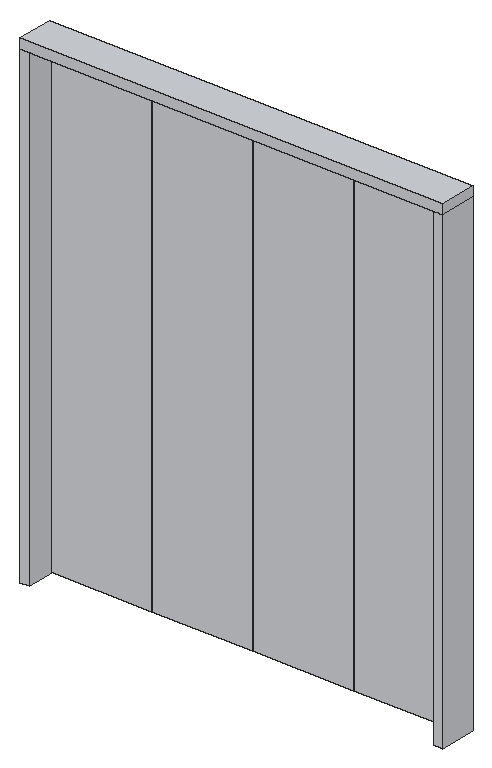
Revit family "Door_Bifold System_4Panel_Solid", category Doors, host Wall, Revit 2019
Family settings
  Host = Wall
  Always vertical = Yes
  Cut with Voids When Loaded = No
  Shared = Yes
  Room Calculation Point = No
Parameters (values of type "1980h x 1668w")
  Website = "www.bifoldsystems.co.nz"
  Visual Light Transmittance = 0
  Undercut = 25 mm
  Type Comments = "1980h x 1668w"
  TrimWidth = 40 mm
  TrimWidthControl = if(TrimWidth < JambWidth, JambWidth, TrimWidth)  # 40 mm
  TrimThickness = 20 mm
  Trim [instance] = none
  TrimFinish [instance] = ""
  StopWidth = 10 mm
  StopDepth = 40 mm
  ShowHandleInt [instance] = yes
  ShowHandleExt [instance] = yes
  Lock [instance] = ""
  LiningThickness [instance] = 10 mm
  LeafWidth1 = Width / 4  # 417 mm
  LeafType [instance] = ""
  LeafHeight = 2040 mm
  LeafFinish [instance] = ""
  LeafControl [instance] = 75 mm
  Kickplates [instance] = ""
  JambWidth = 40 mm
  JambTolerance = 0 mm
  Hinge = ""
  HeadHeight = 0 mm
  HandlesInt [instance] = none
  HandlesExt [instance] = none
  HandleTypeExt [instance] = Handle_Door_Lever : Type 1
  HandleTypeInt [instance] = Handle_Door_Lever : Type 1
  FrameVisibility [instance] = not(HostReport < 60 mm)  # yes
  FrameType [instance] = ""
  FrameOffsetExt = 0 mm
  FrameFinish [instance] = ""
  FrameDepth = 150 mm
  FrameByThroatControl [instance] = if(FrameByThroat, HostReport, FrameDepth)  # 150 mm
  Thickness = 40 mm
  Thermal Resistance (R) = 0.3829 (m²·K)/W
  Solar Heat Gain Coefficient = 0
  ShowTrims [instance] = no
  Rough Width [instance] = Width + (JambWidth * 2) + (JambTolerance * 2)  # 1748 mm
  Rough Height [instance] = 2040 mm
  Manufacturer = ""
  Leaf [instance] = none
  HostReport [instance] = 150 mm
  Heat Transfer Coefficient (U) = 2.6119 W/(m²·K)
  HeadHeightControl [instance] = if(HeadHeight < JambWidth, JambWidth, HeadHeight)  # 40 mm
  HandleInset = 50 mm
  HandleHeight = 1000 mm
  Function = Exterior
  Height = LeafHeight  # 2040 mm
  Wall Closure = By host
  Width = 1668 mm
  FrameOffsetExtControl = if(FrameByThroat, FrameOffsetExt, 0 mm)  # 0 mm
  Frame [instance] = none
  FrameByThroat = yes
  Fire Rating = "30/30/30"
  EgressDoor [instance] = no
  Description = "Nz - Bifold Solid"
  ClearanceRight = 100 mm  # constant formula
  ClearanceLeft = 100 mm  # constant formula
  ClearThickness = Thickness * 2  # 80 mm
  ClearOpening [instance] = 1508 mm
  BifoldSwing = Width / 2  # 834 mm
  Analytic Construction = "Solid core wood"
  AccessOutwardOpenB [instance] = no
  AccessOutwardOpenA [instance] = no
  AccessInwardOpenB [instance] = no
  AccessInwardOpenA [instance] = no
Reference planes
  plane 1 "Center)Front/Back)": y = 0
  plane 2 "Center (Left/Right)": x = -14.219
  plane 3 "Left": x = -888.219
  plane 4 "Right": x = 859.781
  plane 5: z = 2040
  plane 6 "Exterior": y = 75
  plane 7 "Interior": y = -75
  plane 8: x = -848.219
  plane 9: x = 819.781
  plane 10: y = 25
  plane 11 "Leaf/Swing (Host)": y = 75
  plane 12: x = 859.781
  plane 13: x = -888.219
  plane 14: z = 2040
  plane 15: z = 2000
  plane 16 "stop Width Right": x = 739.781
  plane 17: x = -768.219
  plane 18: z = 25
  plane 19: x = -431.219
  plane 20: x = 402.781
Forms (mm)
  Sweep 1, solid
    path origin (859.781, 75, 1980) x (0, 1, 0) y (0, 0, -1)
      loop
        line (20, 1955) -> (20, -20)
    profile origin (859.781, 95, 1012.5) x (0, 1, 0) y (-1, 0, 0)
      loop
        line (0, 40) -> (-150, 40) -> (-150, 0) -> (0, 0) -> (0, 40)
  Sweep 2, solid
    path origin (-14.219, 55, 1980) x (0, 1, 0) y (-1, 0, 0)
      loop
        line (-35, 874) -> (-35, -874)
    profile origin (-14.219, 20, 1980) x (0, 1, 0) y (0, 0, 1)
      loop
        line (75, 60) -> (-75, 60) -> (-75, 20) -> (75, 20) -> (75, 60)
  Sweep 3, solid
    path origin (-848.219, 75, 1980) x (0, 1, 0) y (0, 0, -1)
      loop
        line (20, 1955) -> (20, -20)
    profile origin (-848.219, 95, 1012.5) x (0, 1, 0) y (-1, 0, 0)
      loop
        line (0, 40) -> (-150, 40) -> (-150, 0) -> (0, 0) -> (0, 40)
Lines and regions (mm)
  Opening 1
    outline origin (-4966.219, -75, 0) x (1, 0, 0) y (0, 0, 1)
      loop
        line (5826, 2040) -> (4078, 2040) -> (4078, 25) -> (5826, 25) -> (5826, 2040)
Text (mm)
  text "Exterior" at (-1548.26, 972.467, 0), in view "Ref. Level"
  text "Exterior" at (0, 646.844, 1884.131), in view "Left"
  text "Exterior" at (0, 384.156, 1894.705), in view "Right"
  text "-Multiple Reference Planes's on top of each other\n-Clearance zones invisible in elevation/section \n-Leaf not constrained - Hosted by Reference Line\n-Frames will error when parameters are not Default\nLeaf origins not Centre/Centre\nFrame will Hide when wall thickness is less then 60mm\nOpening Cuts are within Parent Family" at (1344.44, 692.491, 0), in view "Ref. Level"
  text "Warnings" at (1344.44, 972.467, 0), in view "Ref. Level"
Dimensions and locks
  equal spacing: plane 8, plane 19, plane 2 "Center (Left/Right)", plane 20, plane 9
  plane 15 to plane 14 = 40 mm
  equal spacing: level, plane 5, plane 14
  locked: plane 6 "Exterior" to host wall at 0
  locked: plane 7 "Interior" to host wall
  "HostReport": host wall to host wall
  "JambWidth": plane 9 to plane 12
  "JambTolerance": plane 12 to plane 4 "Right"
  "ClearThickness": plane 16 "stop Width Right" to plane 9
  "JambTolerance": plane 13 to plane 3 "Left"
  "Width": plane 8 to plane 9
  "JambWidth": plane 3 "Left" to plane 8
  "ClearThickness": plane 8 to plane 17
  "Undercut": plane 18 to level
  "LeafControl": plane 1 "Center)Front/Back)" to plane 11 "Leaf/Swing (Host)"
  "ClearOpening": plane 17 to plane 16 "stop Width Right"
  locked: Sweep 3 to plane 8
  aligned and locked: host wall to plane 1 "Center)Front/Back)"
  aligned and locked: Opening 1 sketch curve to plane 4 "Right"
  aligned and locked: Opening 1 sketch curve to plane 13
  aligned and locked: nested 5 to plane 11 "Leaf/Swing (Host)"
  aligned and locked: nested 4 to plane 11 "Leaf/Swing (Host)"
  aligned and locked: plane 11 "Leaf/Swing (Host)" to nested 3
  aligned and locked: nested 1 to plane 11 "Leaf/Swing (Host)"
  aligned and locked: plane 20 to nested 4
  aligned and locked: plane 19 to nested 3
  aligned and locked: plane 8 to nested 1
  aligned and locked: plane 9 to nested 5
  aligned and locked: plane 12 to plane 4 "Right"
  aligned and locked: plane 9 to Sweep 1
  aligned and locked: plane 4 "Right" to host wall
  aligned and locked: plane 3 "Left" to host wall
  aligned and locked: plane 20 to nested 5
Automatic sketch dimensions
  plane 15 to Sweep 1 sketch curve = 0 mm
  Sweep 1 sketch curve to plane 18 = 0 mm
  Sweep 1 sketch curve to plane 6 "Exterior" = 20 mm
  Sweep 1 sketch curve to profile plane = 0 mm
  profile plane to Sweep 1 sketch curve = 0 mm
  Sweep 1 sketch curve to Sweep 1 sketch curve = 150 mm
  Sweep 1 sketch curve to Sweep 1 sketch curve = 40 mm
  profile plane to Sweep 2 sketch curve = 75 mm
  profile plane to Sweep 2 sketch curve = 20 mm
  Sweep 2 sketch curve to profile plane = 75 mm
  Sweep 2 sketch curve to Sweep 2 sketch curve = 40 mm
  plane 15 to Sweep 3 sketch curve = 0 mm
  Sweep 3 sketch curve to plane 18 = 0 mm
  Sweep 3 sketch curve to plane 6 "Exterior" = 20 mm
  Sweep 3 sketch curve to profile plane = 0 mm
  profile plane to Sweep 3 sketch curve = 0 mm
  Sweep 3 sketch curve to Sweep 3 sketch curve = 150 mm
  Sweep 3 sketch curve to Sweep 3 sketch curve = 40 mm
  Opening 1 sketch curve to plane 5 = 0 mm
  Opening 1 sketch curve to plane 18 = 0 mm
  Sweep 2 sketch curve to plane 4 "Right" = 0 mm
  Sweep 2 sketch curve to plane 3 "Left" = 0 mm
  Sweep 2 sketch curve to plane 10 = 5 mm
Nested families
  nested 1: "Leaf_Door" at (-639.719, 55, 20), Thickness <- "Thickness", type "Type 1"
    with Undercut 10 mm, Thickness 40 mm, LeafWidth1 417 mm, LeafType "", LeafMaterial none, LeafHeight 1980 mm, LeafFinish "", FrameType ""
  nested 2: "Bifold_Door_2Panel_Plan" at (2041.823, -135, 0) x (-1, 0, 0) z (0, 0, 1), type "Type 1"
    with PanelLength 405 mm, Length 340 mm, LeafWidth1 220.057 mm, FrameType "", 2Panel yes
  nested 3: "Leaf_Door" at (-222.719, 55, 20.011), Thickness <- "Thickness", type "Type 1"
    with Undercut 10 mm, Thickness 40 mm, LeafWidth1 417 mm, LeafType "", LeafMaterial none, LeafHeight 1980 mm, LeafFinish "", FrameType ""
  nested 4: "Leaf_Door" at (194.281, 55, 20) x (-1, 0, 0) z (0, 0, 1), Thickness <- "Thickness", type "Type 1"
    with Undercut 10 mm, Thickness 40 mm, LeafWidth1 417 mm, LeafType "", LeafMaterial none, LeafHeight 1980 mm, LeafFinish "", FrameType ""
  nested 5: "Leaf_Door" at (611.281, 55, 20) x (-1, 0, 0) z (0, 0, 1), Thickness <- "Thickness", type "Type 1"
    with Thickness 40 mm, LeafWidth1 417 mm
  nested 6: "Bifold_Door_2Panel_Plan" at (-2070.26, -135, 0), type "Type 1"
    with PanelLength 405 mm, Length 340 mm, LeafWidth1 220.057 mm, FrameType "", 2Panel yes
Definition of nested family "Leaf_Door"
  Parameters (values of type "Type 1")
    Width = 0 mm  # constant formula
    Undercut [instance] = 10 mm
    Thickness [instance] = 40 mm
    Rough Width = 0 mm  # constant formula
    Rough Height = 0 mm  # constant formula
    LeafWidth1 [instance] = 810 mm
    LeafType [instance] = ""
    LeafMaterial [instance] = none
    LeafHeight [instance] = 1980 mm
    LeafFinish [instance] = ""
    Height = 0 mm  # constant formula
    FrameType [instance] = ""
    Description = "NOSCHED"
    Default Elevation = 1219.2 mm
    Analytic Construction = "<None>"
  Reference planes
    plane 1 "Center (Front/Back)": y = 20
    plane 2: z = 0
    plane 3 "Center (Left/Right)": x = 0
    plane 4 "Back": y = 40
    plane 5 "Front": y = 0
    plane 6 "Right": x = 405
    plane 7 "Left": x = -405
    plane 8: z = 1980
    plane 9: z = 10
    plane 10: z = 995
    plane 11 "Elevation Swing Exterior": y = 43
    plane 12 "Elevation Swing Interior": y = -3
  Forms (mm)
    Extrusion 1, solid, material <- "LeafMaterial"
      sketch origin (0, 20, 0) x (1, 0, 0) y (0, 0, 1)
        loop
          line (405, 1980) -> (-405, 1980) -> (-405, 10) -> (405, 10) -> (405, 1980)
      from -20 to 20
  Lines and regions (mm)
    symbolic lines
      curve 1: line (405, 0, 1980) -> (-405, 0, 995)
      curve 2: line (-405, 0, 995) -> (405, 0, 10)
      curve 7: line (405, 40, 1980) -> (-405, 40, 995)
      curve 8: line (405, 40, 10) -> (-405, 40, 995)
    model lines, detail levels fine
      curve 3: line (405, -3, 1980) -> (-405, -3, 995)
      curve 4: line (-405, -3, 995) -> (405, -3, 10)
      curve 5: line (405, 43, 1980) -> (-405, 43, 995)
      curve 6: line (-405, 43, 995) -> (405, 43, 10)
  Dimensions and locks
    equal spacing: plane 4 "Back", plane 1 "Center (Front/Back)", plane 5 "Front"
    equal spacing: plane 7 "Left", plane 3 "Center (Left/Right)", plane 6 "Right"
    "LeafWidth1": plane 7 "Left" to plane 6 "Right"
    "LeafHeight": plane 8 to level
    "Undercut": plane 9 to level
    "Thickness": plane 4 "Back" to plane 5 "Front"
    equal spacing: plane 8, plane 10, plane 9
    locked: plane 12 "Elevation Swing Interior" to plane 5 "Front" at 3
    locked: plane 11 "Elevation Swing Exterior" to plane 4 "Back" at 3
    aligned and locked: level to plane 2
    aligned and locked: Extrusion 1 sketch curve to plane 6 "Right"
    aligned and locked: Extrusion 1 sketch curve to plane 9
    aligned and locked: Extrusion 1 sketch curve to plane 7 "Left"
    aligned and locked: Extrusion 1 sketch curve to plane 8
    aligned and locked: Extrusion 1 to plane 5 "Front"
    aligned and locked: plane 4 "Back" to Extrusion 1
  Automatic sketch dimensions
    curve 8 to plane 6 "Right" = 0 mm
    curve 7 to plane 6 "Right" = 0 mm
    curve 7 to plane 7 "Left" = 0 mm
    curve 8 to plane 9 = 0 mm
    curve 7 to plane 8 = 0 mm
    curve 2 to plane 6 "Right" = 0 mm
    curve 1 to plane 6 "Right" = 0 mm
    curve 2 to plane 9 = 0 mm
    curve 2 to plane 10 = 0 mm
    curve 1 to plane 8 = 0 mm
    curve 7 to plane 10 = 0 mm
    curve 6 to plane 6 "Right" = 0 mm
    curve 5 to plane 6 "Right" = 0 mm
    curve 5 to plane 7 "Left" = 0 mm
    curve 6 to plane 9 = 0 mm
    curve 6 to plane 10 = 0 mm
    curve 5 to plane 8 = 0 mm
    curve 2 to plane 7 "Left" = 0 mm
    curve 3 to plane 7 "Left" = 0 mm
    curve 4 to plane 6 "Right" = 0 mm
    curve 3 to plane 6 "Right" = 0 mm
    curve 4 to plane 9 = 0 mm
    curve 4 to plane 10 = 0 mm
    curve 3 to plane 8 = 0 mm
Definition of nested family "Bifold_Door_2Panel_Plan"
  Parameters (values of type "Type 1")
    PanelLength [instance] = 405 mm
    Length [instance] = 340 mm
    LeafWidth1 [instance] = sqrt(PanelLength ^ 2 - Length ^ 2)  # 220.057 mm
    FrameType [instance] = ""
    2Panel [instance] = yes
  Reference planes
    plane 1: z = 0
    plane 2: y = 210
    plane 3: y = 380
    plane 4: y = 550
    plane 5: x = 1454.376
    plane 6: x = 1674.433
    plane 7: x = 1564.404
  Lines and regions (mm)
    detail lines, in view "Ref. Level"
      curve 1: line (1224.404, 210, 0) -> (1553.209, 538.805, 0)
      curve 3: line (1206.727, 227.678, 0) -> (1535.531, 556.482, 0)
      curve 4: line (1535.531, 556.482, 0) -> (1553.209, 538.805, 0)
      curve 5: line (1206.727, 227.678, 0) -> (1224.404, 210, 0)
      curve 6: line (1521.389, 542.34, 0) -> (1539.067, 524.663, 0)
      curve 7: line (1220.869, 241.82, 0) -> (1238.547, 224.142, 0)
      curve 8: line (1534.803, 528.927, 0) -> (1234.282, 228.406, 0)
      curve 9: line (1224.847, 237.842, 0) -> (1525.367, 538.362, 0)
      curve 10: line (1531.996, 552.947, 0) -> (1549.674, 535.269, 0)
      curve 11: line (1524.925, 545.876, 0) -> (1542.603, 528.198, 0)
      curve 12: line (1546.138, 531.734, 0) -> (1528.46, 549.411, 0)
      curve 13: line (1217.333, 238.284, 0) -> (1235.011, 220.607, 0)
      curve 14: line (1213.798, 234.749, 0) -> (1219.101, 229.445, 0)
      curve 15: line (1210.262, 231.213, 0) -> (1227.94, 213.536, 0)
      curve 16: line (1554.376, 525.826, 0) -> (1567.94, 540.524, 0)
      curve 17: line (1567.94, 540.524, 0) -> (1921.292, 214.423, 0)
      curve 18: line (1921.292, 214.423, 0) -> (1907.728, 199.725, 0)
      curve 19: line (1907.728, 199.725, 0) -> (1554.376, 525.826, 0)
      curve 20: line (1582.638, 526.96, 0) -> (1569.074, 512.262, 0)
      curve 21: line (1578.963, 530.351, 0) -> (1565.399, 515.653, 0)
      curve 22: line (1575.289, 533.742, 0) -> (1561.725, 519.044, 0)
      curve 23: line (1571.614, 537.133, 0) -> (1558.05, 522.435, 0)
      curve 24: line (1906.595, 227.987, 0) -> (1893.031, 213.289, 0)
      curve 25: line (1910.269, 224.596, 0) -> (1896.705, 209.898, 0)
      curve 26: line (1913.944, 221.205, 0) -> (1910.672, 217.66, 0)
      curve 27: line (1917.618, 217.814, 0) -> (1904.054, 203.116, 0)
      curve 28: line (1579.247, 523.286, 0) -> (1872.047, 253.066, 0)
      curve 29: line (1895.543, 216.011, 0) -> (1866.6, 242.721, 0)
      curve 30: circle (1222.637, 225.91, 0) r 5 normal (0, 0, 1)
      curve 31: line (1226.172, 222.374, 0) -> (1231.476, 217.071, 0)
      curve 32: circle (1907.162, 213.856, 0) r 5.176 normal (0, 0, 1)
      curve 33: line (1903.651, 210.052, 0) -> (1900.38, 206.507, 0)
      curve 34: circle (1907.162, 213.856, 0) r 1.764 normal (0, 0, 1)
      curve 35: circle (1222.637, 225.91, 0) r 2.005 normal (0, 0, 1)
      curve 36: line (1229.708, 232.981, 0) -> (1530.228, 533.501, 0)
      curve 37: line (1875.986, 251.809, 0) -> (1861.533, 256.422, 0)
      curve 38: line (1861.533, 256.422, 0) -> (1866.6, 242.721, 0)
      curve 39: circle (1879.94, 245.426, 0) r 1.238 normal (0, 0, -1)
      curve 40: circle (1898.827, 226.788, 0) r 1.238 normal (0, 0, -1)
      curve 41: circle (1889.456, 236.04, 0) r 1.238 normal (0, 0, -1)
      curve 42: circle (1873.968, 238.955, 0) r 1.238 normal (0, 0, 1)
      curve 43: circle (1894.059, 221.621, 0) r 1.238 normal (0, 0, 1)
      curve 44: circle (1884.086, 230.221, 0) r 1.238 normal (0, 0, 1)
      curve 45: line (1875.986, 251.809, 0) -> (1904.389, 225.596, 0)
      curve 46: line (1865.609, 245.4, 0) -> (1572.465, 515.937, 0)
      curve 47: line (1545.518, 548.791, 0) -> (1555.534, 538.775, 0)
      curve 48: line (1555.534, 538.775, 0) -> (1548.847, 532.088, 0)
      curve 49: circle (1549.986, 530.18, 0) r 2.222 normal (0, 0, 1)
      curve 50: line (1552.208, 530.18, 0) -> (1554.391, 527.997, 0)
      curve 51: line (1554.391, 527.997, 0) -> (1564.564, 539.021, 0)
    detail lines, in view "Ref. Level", visible <- "2Panel"
      curve 2: line (1575.856, 519.611, 0) -> (1861.789, 255.729, 0)
  Dimensions and locks
    equal spacing: plane 4, plane 3, plane 2
    equal spacing: plane 5, plane 7, plane 6
    "Length": plane 4 to plane 2
    "LeafWidth1": plane 5 to plane 6
  Automatic sketch dimensions
    curve 30 to curve 35 = 0 mm  (x2)
    curve 32 to curve 34 = 0 mm  (x2)
    curve 5 to plane 2 = 0 mm
    plane 2 to curve 5 = 17.678 mm
    curve 5 to plane 5 = 247.649 mm
    curve 3 to curve 35 = 15.91 mm
    curve 30 to curve 5 = 1.768 mm
    plane 4 to curve 3 = 6.482 mm
    curve 49 to curve 1 = 3.223 mm
    curve 49 to curve 16 = 4.39 mm
    curve 16 to curve 50 = 0.015 mm
    curve 1 to curve 48 = 2.325 mm
    curve 17 to plane 7 = 3.536 mm
    plane 2 to curve 37 = 46.422 mm
    curve 37 to plane 6 = 187.1 mm
    plane 2 to curve 38 = 32.721 mm
    curve 37 to curve 38 = 5.067 mm
    curve 29 to curve 42 = 7.368 mm
    plane 2 to curve 45 = 41.809 mm
    curve 42 to curve 45 = 2.018 mm
    curve 37 to curve 39 = 3.954 mm
    curve 42 to curve 44 = 10.118 mm
    curve 44 to curve 41 = 5.37 mm
    curve 44 to curve 43 = 9.973 mm
    curve 43 to curve 40 = 4.768 mm
    plane 2 to curve 34 = 3.856 mm
    curve 43 to curve 34 = 13.103 mm
    curve 18 to plane 2 = 10.275 mm
    curve 32 to curve 18 = 0.567 mm
    plane 2 to curve 18 = 4.423 mm
    plane 2 to curve 43 = 11.621 mm
    plane 2 to curve 35 = 15.91 mm
    curve 43 to curve 40 = 5.167 mm
    curve 43 to curve 44 = 8.6 mm
    curve 44 to curve 41 = 5.819 mm
    curve 42 to curve 29 = 3.767 mm
    curve 39 to curve 37 = 6.383 mm
    curve 16 to curve 50 = 2.171 mm
    curve 50 to curve 49 = 2.183 mm
    curve 47 to curve 1 = 0.03 mm
    plane 2 to curve 15 = 21.213 mm
    plane 2 to curve 14 = 24.749 mm
    plane 2 to curve 13 = 28.284 mm
    plane 2 to curve 14 = 19.445 mm
    plane 2 to curve 7 = 31.82 mm
    plane 2 to curve 9 = 27.842 mm
    plane 2 to curve 31 = 12.374 mm
    plane 2 to curve 36 = 22.981 mm
    plane 2 to curve 8 = 18.406 mm
    curve 6 to plane 4 = 7.66 mm
    curve 11 to plane 4 = 4.124 mm
    curve 12 to plane 4 = 0.589 mm
    plane 4 to curve 10 = 2.947 mm
    curve 47 to plane 4 = 1.209 mm
    curve 3 to curve 47 = 9.986 mm
    curve 48 to curve 49 = 1.139 mm
    curve 16 to curve 23 = 3.674 mm
    plane 7 to curve 22 = 2.68 mm
    curve 51 to plane 7 = 0.159 mm
    curve 21 to plane 7 = 0.995 mm
    curve 20 to plane 7 = 4.669 mm
    curve 46 to plane 4 = 34.063 mm
    curve 2 to plane 4 = 30.389 mm
    curve 28 to plane 4 = 26.714 mm
    plane 2 to curve 24 = 3.289 mm
    curve 25 to plane 2 = 0.102 mm
    curve 33 to plane 2 = 3.493 mm
    plane 2 to curve 33 = 0.052 mm
    curve 27 to plane 2 = 6.884 mm
    plane 2 to curve 26 = 7.66 mm
    curve 49 to curve 50 = 0 mm
    curve 51 to curve 16 = 1.503 mm
    radius of curve 34 = 1.764 mm
    radius of curve 35 = 2.005 mm
    radius of curve 39 = 1.238 mm
    radius of curve 40 = 1.238 mm
    radius of curve 41 = 1.238 mm
    radius of curve 42 = 1.238 mm
    radius of curve 43 = 1.238 mm
    radius of curve 44 = 1.238 mm
